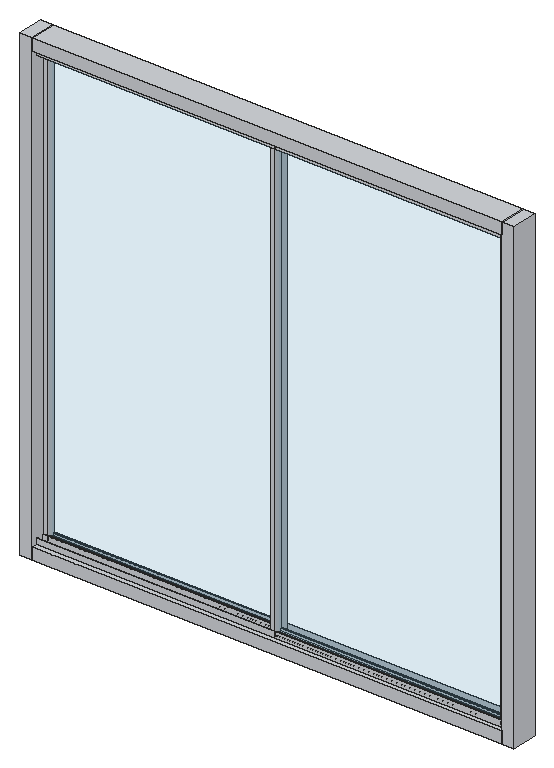
Revit family "View-Max® Commercial Sliding Window_SG&DG- XO XX OX", category Windows, host Wall, Revit 2021
Family settings
  Host = Wall
  OmniClass Number = 23.30.20.00
  OmniClass Title = Windows
  Always vertical = Yes
  Cut with Voids When Loaded = No
  Shared = No
  Room Calculation Point = No
Parameters (values of type "OX/XO")
  YEAR = "2022"  # constant formula
  XX = no
  Width = 0.0000 mm  # constant formula
  URL = "https://www.alspec.com.au/view-max-sliding-window"
  Thickness = 0.0000 mm  # constant formula
  Single Glazed Thickness (6-13.5mm) [instance] = 5.0000 mm
  Single Glazed [instance] = not(Double Glazed)  # no
  Sill Offset 2 [instance] = 15.9930 mm  # constant formula
  Sill Offset [instance] = 6.0000 mm  # constant formula
  Sash Material [instance] = none
  Rough Width = 0.0000 mm  # constant formula
  Rough Height = 0.0000 mm  # constant formula
  Overall Width [instance] = 1900.0000 mm
  Offset [instance] = 0.0000 mm
  Meeting 1 = 16.8131 mm  # constant formula
  Overall Height [instance] = 1800.0000 mm
  Model = "View-Max® Commercial Sliding Window_SG&DG- XO XX OX"  # constant formula
  Manufacturer = "ALSPEC"
  Height = 0.0000 mm  # constant formula
  Head Offset 2 [instance] = 84.8025 mm  # constant formula
  Head Offset [instance] = 75.0000 mm  # constant formula
  Glazed Material [instance] = Glass
  Frame Material [instance] = none
  External Frame Thk = 44.5000 mm  # constant formula
  Double Glazed Thickness [instance] = 18.0000 mm
  Double Glazed [instance] = yes
  Define Thermal Properties by = Schematic Type
  Default Sill Height = 900.0000 mm
  Wall Closure = By host
  CREATOR = "Viraj Mhatre"  # constant formula
  COMPANY = "ALSPEC"  # constant formula
  Analytic Construction = "<None>"
  Air Pocket (Double Glazing Only) [instance] = 8.0000 mm  # constant formula
  XO [instance] = no
  OX [instance] = no
Reference planes
  plane 1 "Center (Front/Back)": y = 0
  plane 2 "Center (Left/Right)": x = 0
  plane 3 "Left": x = -905.5
  plane 4 "Right": x = 905.5
  plane 5 "Sill": z = 900
  plane 6 "Head": z = 2700
  plane 7 "Exterior": y = -63.542
  plane 8 "Interior": y = -263.542
  plane 9: y = -114.342
  plane 10: z = 35.5
  plane 11: y = 14
  plane 12 "FRAME CENTRE": y = 42
  plane 13: y = -98.593
  plane 14: x = -905.5
  plane 15: x = 905.5
  plane 16: x = 905.5
  plane 17: x = 6.407
  plane 18: x = -950
  plane 19: x = 950
  plane 20: z = 2651.999
  plane 21: z = 2632
  plane 22: z = 935.5
  plane 23: z = 516.113
  plane 24: x = -2
  plane 25: x = 14.813
  plane 26: z = 1267
  plane 27: x = -453.75
  plane 28: x = 460.157
  plane 29: y = -24.342
  plane 30: z = 1783.75
  plane 31: y = -114.342
  plane 32: y = -130.095
  plane 33: x = -902
  plane 34: x = 902
  plane 35: y = -63.542
  plane 36: z = 1247.302
  plane 37: z = 710.141
  plane 38: z = 947.302
Forms (mm)
  Extrusion 1, solid, material <- "Frame Material"
    sketch origin (0, 0, 0) x (1, 0, 0) y (0, 1, 0)
      loop
        line (-905.5, -63.542) -> (-950, -63.542) -> (-950, -165.142) -> (-905.5, -165.142) -> (-905.5, -63.542)
      loop
        line (950, -63.542) -> (905.5, -63.542) -> (905.5, -165.142) -> (950, -165.142) -> (950, -63.542)
    from 900 to 2700
  Extrusion 2, solid, material <- "Frame Material"
    sketch origin (-905.5, 0, 0) x (0, -1, 0) y (0, 0, 1)
      loop
        line (63.494, 2700) -> (63.494, 2655.6) -> (81.794, 2655.6) -> (81.794, 2632) -> (83.594, 2632) -> (83.594, 2651.999) -> (113.494, 2651.999) -> (113.494, 2632) -> (115.094, 2632) -> (115.094, 2651.999) -> (144.994, 2651.999) -> (144.994, 2632) -> (146.794, 2632) -> (146.794, 2655.6) -> (165.094, 2655.6) -> (165.094, 2700) -> (63.494, 2700)
      loop
        line (63.595, 944.4) -> (63.595, 900) -> (165.195, 900) -> (165.195, 944.4) -> (146.695, 944.4) -> (146.695, 967) -> (145.095, 967) -> (145.095, 947.302) -> (115.195, 947.302) -> (115.195, 967) -> (113.595, 967) -> (113.595, 947.302) -> (83.695, 947.302) -> (83.695, 967) -> (82.095, 967) -> (82.095, 944.4) -> (63.595, 944.4)
    from -1811 to 0
Lines and regions (mm)
  Opening 1
    outline origin (3600, -263.542, 75) x (1, 0, 0) y (0, 0, 1)
      loop
        line (-2650, 825) -> (-2650, 2625) -> (-4550, 2625) -> (-4550, 825) -> (-2650, 825)
  Masking region 1
    outline origin (0, 0, 0) x (1, 0, 0) y (0, 1, 0)
      loop
        line (-905.5, -63.542) -> (-950, -63.542) -> (-950, -165.142) -> (-905.5, -165.142) -> (-905.5, -63.542)
      loop
        line (950, -63.542) -> (905.5, -63.542) -> (905.5, -165.142) -> (950, -165.142) -> (950, -63.542)
  Masking region 2
    outline origin (-905.5, 0, 0) x (0, -1, 0) y (0, 0, 1)
      loop
        line (63.494, 2700) -> (63.494, 2655.6) -> (81.794, 2655.6) -> (81.794, 2632) -> (83.594, 2632) -> (83.594, 2651.999) -> (113.494, 2651.999) -> (113.494, 2632) -> (115.094, 2632) -> (115.094, 2651.999) -> (144.994, 2651.999) -> (144.994, 2632) -> (146.794, 2632) -> (146.794, 2655.6) -> (165.094, 2655.6) -> (165.094, 2700) -> (63.494, 2700)
      loop
        line (63.595, 900) -> (165.195, 900) -> (165.195, 944.4) -> (146.695, 944.4) -> (146.695, 967) -> (145.095, 967) -> (145.095, 947.302) -> (115.195, 947.302) -> (115.195, 967) -> (113.595, 967) -> (113.595, 947.302) -> (83.695, 947.302) -> (83.695, 967.128) -> (82.095, 967.128) -> (82.095, 944.4) -> (63.595, 944.4) -> (63.595, 900)
Text (mm)
  text "EXTERIOR" at (-1886.484, -724.686, 0), in view "Ref. Level"
  text "INTERIOR" at (-1963.203, 1176.318, 0), in view "Ref. Level"
  text "Exterior" at (0, 923.751, 2943.296), in view "Right"
  text "Exterior" at (0, 1040.484, 2685.409), in view "Left"
Dimensions and locks
  "Overall Height": plane 5 "Sill" to plane 6 "Head"
  plane 5 "Sill" to plane 10 = 864.5000 mm
  locked: plane 7 "Exterior" to host wall
  locked: plane 8 "Interior" to host wall
  "Offset": plane 35 to plane 7 "Exterior"
  "External Frame Thk": plane 4 "Right" to plane 19
  "Overall Width": plane 18 to plane 19
  equal spacing: plane 24, plane 17, plane 25
  "Meeting 1": plane 24 to plane 25
  locked: plane 29 to plane 9 at 90
  equal spacing: plane 24, plane 27, plane 14
  equal spacing: plane 16, plane 28, plane 25
  plane 18 to plane 17 to plane 19 = 956.4066 mm, 943.5934 mm
  equal spacing: plane 14, plane 2 "Center (Left/Right)", plane 16
  "External Frame Thk": plane 18 to plane 14
  locked: plane 14 to plane 33 at 3.5
  locked: plane 34 to plane 16 at 3.5
  locked: plane 20 to plane 6 "Head" at 48.001
  locked: plane 20 to plane 21 at 19.999
  locked: plane 10 to level at 35.5
  locked: plane 22 to plane 10 at 900
  equal spacing: plane 21, plane 30, plane 22
  "Default Sill Height": plane 5 "Sill" to level
  locked: plane 31 to plane 35 at 50.8
  locked: plane 9 to plane 31
  locked: plane 31 to plane 32 at 15.753
  locked: plane 13 to plane 31 at 15.749
  nested 9 to nested 9 = 16.8131 mm
  locked: plane 5 "Sill" to plane 38 at 47.302
  aligned and locked: Opening 1 sketch curve to plane 6 "Head"
  aligned and locked: plane 14 to plane 3 "Left"
  aligned and locked: plane 15 to plane 4 "Right"
  aligned and locked: plane 18 to Opening 1 sketch curve
  aligned and locked: plane 19 to Opening 1 sketch curve
  aligned and locked: Opening 1 sketch curve to plane 5 "Sill"
  aligned and locked: host wall to level
  aligned and locked: nested 1 to plane 29
  aligned and locked: plane 27 to nested 1
  aligned and locked: plane 28 to nested 2
  aligned and locked: plane 27 to nested 3
  aligned and locked: nested 4 to plane 28
  aligned and locked: nested 3 to plane 30
  aligned and locked: plane 30 to nested 4
  aligned and locked: plane 29 to nested 2
  aligned and locked: plane 16 to plane 4 "Right"
  aligned and locked: Extrusion 1 to plane 6 "Head"
  aligned and locked: plane 3 "Left" to Extrusion 2
  aligned and locked: Extrusion 2 to plane 4 "Right"
  aligned and locked: plane 5 "Sill" to Extrusion 1
  aligned and locked: nested 5 to plane 31
  aligned and locked: plane 18 to nested 5
  aligned and locked: Extrusion 1 sketch curve to nested 5  (x4)
  aligned and locked: Masking region 1 sketch curve to nested 5  (x4)
  aligned and locked: nested 6 to plane 19
  aligned and locked: plane 31 to nested 6
  aligned and locked: Extrusion 1 sketch curve to nested 6  (x4)
  aligned and locked: Masking region 1 sketch curve to nested 6  (x4)
  aligned and locked: nested 7 to plane 13
  aligned and locked: plane 6 "Head" to nested 7
  aligned and locked: Masking region 2 sketch curve to nested 7  (x12)
  aligned and locked: nested 7 to Masking region 2 sketch curve  (x3)
  aligned and locked: Extrusion 2 sketch curve to nested 7  (x12)
  aligned and locked: nested 7 to Extrusion 2 sketch curve  (x3)
  aligned and locked: plane 5 "Sill" to nested 8
  aligned and locked: nested 8 to plane 13
  aligned and locked: Masking region 2 sketch curve to nested 8  (x12)
  aligned and locked: nested 8 to Masking region 2 sketch curve  (x3)
  aligned and locked: Extrusion 2 sketch curve to nested 8  (x12)
  aligned and locked: nested 8 to Extrusion 2 sketch curve  (x4)
  aligned and locked: plane 25 to nested 9
  aligned and locked: nested 10 to plane 24
  aligned and locked: nested 10 to plane 34
  aligned and locked: plane 33 to nested 9
  aligned and locked: nested 9 to plane 13
  aligned and locked: plane 32 to nested 10
  aligned and locked: plane 20 to nested 9
  aligned and locked: plane 20 to nested 10
  aligned and locked: plane 38 to nested 10
  aligned and locked: plane 38 to nested 9
  aligned and locked: plane 33 to nested 11
  aligned and locked: plane 25 to nested 11
  aligned and locked: nested 12 to plane 24
  aligned and locked: nested 12 to plane 34
  aligned and locked: plane 32 to nested 12
  aligned and locked: nested 11 to plane 13
  aligned and locked: plane 38 to nested 11
  aligned and locked: plane 38 to nested 12
  aligned and locked: plane 20 to nested 12
  aligned and locked: plane 20 to nested 11
  aligned and locked: plane 27 to nested 13
  aligned and locked: nested 14 to plane 28
  aligned and locked: plane 30 to nested 14
  aligned and locked: nested 13 to plane 30
  aligned and locked: plane 27 to nested 15
  aligned and locked: plane 28 to nested 16
  aligned and locked: plane 29 to nested 16
  aligned and locked: nested 15 to plane 29
Automatic sketch dimensions
  Masking region 2 sketch curve to Masking region 2 sketch curve = 0.0000 mm  (x2)
  Extrusion 2 sketch curve to plane 20 = 0.0000 mm
Nested families
  nested 1: "DETAIL_ARROW2" at (-453.75, -24.342, 0), visible <- "XO", type "DETAIL_ARROW2"
  nested 2: "DETAIL_ARROW2" at (460.157, -24.342, 0) x (-1, 0, 0) z (0, 0, 1), visible <- "OX", type "DETAIL_ARROW2"
  nested 3: "DETAIL_ARROW" at (-453.75, -263.542, 1783.75) x (1, 0, 0) z (0, -1, 0), visible <- "XO", type "DETAIL_ARROW"
  nested 4: "DETAIL_ARROW" at (460.157, -263.542, 1783.75) x (-1, 0, 0) z (0, -1, 0), visible <- "OX", type "DETAIL_ARROW"
  nested 5: "Ext frame ME1 VM75" at (-950, -114.342, 0), type "Ext frame ME1 VM75", detail levels fine
  nested 6: "Ext frame ME1 VM75" at (950, -114.342, 0) x (-1, 0, 0) z (0, 0, 1), type "Ext frame ME1 VM75", detail levels fine
  nested 7: "Ext Head" at (-905.5, -98.593, 2700) x (0, -1, 0) z (-1, 0, 0), type "Ext Head", detail levels fine
  nested 8: "Ext Sill" at (-905.5, -98.593, 900) x (0, -1, 0) z (-1, 0, 0), type "Ext Sill", detail levels fine
  nested 9: "panel 1 VM63 VM64" at (-443.593, -98.593, 947.302), visible <- "Double Glazed", Double Glazing Thickness <- "Double Glazed Thickness", Double Glazed <- "Double Glazed", Glazing Material <- "Glazed Material", Sash Material <- "Sash Material", type "panel 1 VM63 VM64"
    with Thickness Control 18.0000 mm, Sill Off 108.0000 mm, Sill 120.0000 mm, Sash Width 916.8131 mm, Sash Material none, Height 1704.6977 mm, Head Off 68.0000 mm, Head 80.0000 mm, Glazing Material Glass, Double Glazing Thickness 18.0000 mm, Double Glazed yes, Air Pocket 8.0000 mm
  nested 10: "panel 1 VM63 VM64" at (450, -130.095, 947.302) x (-1, 0, 0) z (0, 0, 1), visible <- "Double Glazed", Double Glazing Thickness <- "Double Glazed Thickness", Double Glazed <- "Double Glazed", Glazing Material <- "Glazed Material", Sash Material <- "Sash Material", type "panel 1 VM63 VM64"
    with Thickness Control 18.0000 mm, Sill Off 108.0000 mm, Sill 120.0000 mm, Sash Width 904.0000 mm, Sash Material none, Height 1704.6977 mm, Head Off 68.0000 mm, Head 80.0000 mm, Glazing Material Glass, Double Glazing Thickness 18.0000 mm, Double Glazed yes, Air Pocket 8.0000 mm
  nested 11: "Panel 1 VM13 VM3" at (-443.593, -98.593, 947.302), visible <- "Single Glazed", Single Glazing Thickness <- "Single Glazed Thickness (6-13.5mm)", Glazing Material <- "Glazed Material", Sash Material <- "Sash Material", type "SLIDING_GLAZED PANEL"
    with Single Glazing Thickness 5.0000 mm, Sash Width 916.8131 mm, Sash Material none, Sash Height 1704.6977 mm, Glazing Material Glass, Actual SG Thickness (Manufacturer Controlled) 6.0000 mm
  nested 12: "Panel 1 VM13 VM3" at (450, -130.095, 947.302) x (-1, 0, 0) z (0, 0, 1), visible <- "Single Glazed", Single Glazing Thickness <- "Single Glazed Thickness (6-13.5mm)", Glazing Material <- "Glazed Material", Sash Material <- "Sash Material", type "SLIDING_GLAZED PANEL"
    with Single Glazing Thickness 5.0000 mm, Sash Width 904.0000 mm, Sash Material none, Sash Height 1704.6977 mm, Glazing Material Glass, Actual SG Thickness (Manufacturer Controlled) 6.0000 mm
  nested 13: "DETAIL_ARROW" at (-453.75, -263.542, 1783.75) x (1, 0, 0) z (0, -1, 0), visible <- "XX", type "DETAIL_ARROW"
  nested 14: "DETAIL_ARROW" at (460.157, -263.542, 1783.75) x (-1, 0, 0) z (0, -1, 0), visible <- "XX", type "DETAIL_ARROW"
  nested 15: "DETAIL_ARROW2" at (-453.75, -24.342, 0), visible <- "XX", type "DETAIL_ARROW2"
  nested 16: "DETAIL_ARROW2" at (460.157, -24.342, 0) x (-1, 0, 0) z (0, 0, 1), visible <- "XX", type "DETAIL_ARROW2"
Definition of nested family "panel 1 VM63 VM64"
  Parameters (values of type "panel 1 VM63 VM64")
    YEAR = "2022"  # constant formula
    Width = 0.0000 mm  # constant formula
    Thickness Control [instance] = if(Double Glazing Thickness > 28.0000 mm, 28.0000 mm, if(Double Glazing Thickness < 18.0000 mm, 18.0000 mm, Double Glazing Thickness))  # 18.0000 mm
    Thickness = 0.0000 mm  # constant formula
    TODAYS DATE = "30/05/2022"  # constant formula
    Sill Off [instance] = 108.0000 mm  # constant formula
    Sill [instance] = 120.0000 mm  # constant formula
    Sash Width [instance] = 900.0000 mm
    Sash Material [instance] = none
    Rough Width = 0.0000 mm  # constant formula
    Rough Height = 0.0000 mm  # constant formula
    Off DG Head and Sill = 12.0000 mm  # constant formula
    Height [instance] = 1200.0000 mm
    Head Off [instance] = 68.0000 mm  # constant formula
    Head & Sill DG Depth = 93.0000 mm  # constant formula
    Head [instance] = 80.0000 mm  # constant formula
    Glazing Material [instance] = none
    Double Glazing Thickness [instance] = 18.0000 mm
    Double Glazed [instance] = no
    Define Thermal Properties by = 1
    Default Elevation = 1219.2000 mm
    DG Off = 11.0000 mm  # constant formula
    DG Jamb Width = 75.0000 mm  # constant formula
    CREATOR = "Viraj Mhatre"  # constant formula
    COMPANY = "ALSPEC"  # constant formula
    Analytic Construction = "<None>"
    Air Pocket [instance] = 8.0000 mm  # constant formula
  Reference planes
    plane 1 "Center (Front/Back)": y = 0
    plane 2: z = 0
    plane 3 "Center (Left/Right)": x = 0
    plane 4: x = -450
    plane 5: x = 422.073
    plane 6: x = -433.2
    plane 7: x = 433.187
    plane 8: z = 1200
    plane 9: z = 1180.174
    plane 10: z = 19.826
    plane 11: z = 900
    plane 12: x = -422.088
    plane 13: x = 450
    plane 14: z = 8.65
    plane 15: z = 1191.35
    plane 16: y = 9
    plane 17: y = 4
    plane 18: y = -4
    plane 19: y = -9
  Forms (mm)
    Extrusion 1, solid, material <- "Glazing Material"
      sketch origin (0, 0, 0) x (1, 0, 0) y (0, 1, 0)
        loop
          line (-433.2, 9) -> (-433.2, 4) -> (433.187, 4) -> (433.187, 9) -> (-433.2, 9)
        loop
          line (-433.2, -4) -> (-433.2, -9) -> (433.187, -9) -> (433.187, -4) -> (-433.2, -4)
      from 8.65 to 1191.35
    Extrusion 2, solid, material <- "Sash Material"
      sketch origin (0, 0, 0) x (1, 0, 0) y (0, 1, 0)
        loop
          line (-450, -13.395) -> (-433.2, -13.395) -> (-433.2, 13.505) -> (-450, 13.505) -> (-450, -13.395)
        loop
          line (450, -13.395) -> (450, 13.505) -> (433.187, 13.505) -> (433.187, -13.395) -> (450, -13.395)
      from 0 to 1200
    Extrusion 3, solid, material <- "Sash Material"
      sketch origin (0, 0, 0) x (0, 1, 0) y (0, 0, 1)
        loop
          line (-13.495, 1194.583) -> (-13.495, 1180.174) -> (-10, 1180.174) -> (-10, 1192.93) -> (-6.425, 1192.93) -> (-6.425, 1198.6) -> (6.335, 1198.6) -> (6.335, 1192.93) -> (10, 1192.93) -> (10, 1180.174) -> (13.405, 1180.174) -> (13.405, 1194.583) -> (7.988, 1200) -> (-8.078, 1200) -> (-13.495, 1194.583)
        loop
          line (8.078, 0) -> (13.495, 5.417) -> (13.495, 19.826) -> (10, 19.826) -> (10, 7.07) -> (6.425, 7.07) -> (6.425, 1.4) -> (-6.335, 1.4) -> (-6.335, 7.07) -> (-10, 7.07) -> (-10, 19.826) -> (-13.405, 19.826) -> (-13.405, 5.417) -> (-7.988, 0) -> (8.078, 0)
      from -433.2 to 433.187
  Lines and regions (mm)
    Masking region 1
      outline origin (0, 0, 0) x (1, 0, 0) y (0, 1, 0)
        loop
          line (-450, -13.395) -> (-433.2, -13.395) -> (-433.2, 13.505) -> (-450, 13.505) -> (-450, -13.395)
        loop
          line (450, -13.395) -> (450, 13.505) -> (433.187, 13.505) -> (433.187, -13.395) -> (450, -13.395)
    Masking region 2
      outline origin (0, 0, 0) x (0, 1, 0) y (0, 0, 1)
        loop
          line (-13.495, 1194.583) -> (-13.495, 1180.174) -> (-10, 1180.174) -> (-10, 1192.93) -> (-6.425, 1192.93) -> (-6.425, 1198.6) -> (6.335, 1198.6) -> (6.335, 1192.93) -> (10, 1192.93) -> (10, 1180.174) -> (13.405, 1180.174) -> (13.405, 1194.583) -> (7.988, 1200) -> (-8.078, 1200) -> (-13.495, 1194.583)
        loop
          line (8.078, 0) -> (13.495, 5.417) -> (13.495, 19.826) -> (10, 19.826) -> (10, 7.07) -> (6.425, 7.07) -> (6.425, 1.4) -> (-6.335, 1.4) -> (-6.335, 7.07) -> (-10, 7.07) -> (-10, 19.826) -> (-13.405, 19.826) -> (-13.405, 5.417) -> (-7.988, 0) -> (8.078, 0)
  Dimensions and locks
    equal spacing: plane 16, plane 1 "Center (Front/Back)", plane 19
    "Thickness Control": plane 16 to plane 19
    equal spacing: plane 17, plane 1 "Center (Front/Back)", plane 18
    "Air Pocket": plane 17 to plane 18
    locked: plane 6 to plane 12 at 11.112
    locked: plane 5 to plane 7 at 11.114
    equal spacing: plane 4, plane 3 "Center (Left/Right)", plane 13
    "Sash Width": plane 4 to plane 13
    "Height": plane 8 to plane 2
    locked: plane 4 to plane 6 at 16.8
    locked: plane 7 to plane 13 at 16.813
    locked: plane 14 to level at 8.65
    locked: plane 10 to plane 14 at 11.176
    plane 8 to plane 15 to plane 9 = 8.6500 mm locked, 11.1764 mm locked
    aligned and locked: level to plane 2
    aligned and locked: Extrusion 1 sketch curve to plane 16
    aligned and locked: Extrusion 1 sketch curve to plane 17
    aligned and locked: Extrusion 1 sketch curve to plane 18
    aligned and locked: Extrusion 1 sketch curve to plane 19
    aligned and locked: Extrusion 1 sketch curve to Extrusion 1 sketch curve  (x2)
    aligned and locked: Extrusion 1 to plane 6
    aligned and locked: plane 7 to Extrusion 1
    aligned and locked: Extrusion 1 to plane 14
    aligned and locked: plane 15 to Extrusion 1
    aligned and locked: Extrusion 2 to level
    aligned and locked: plane 8 to Extrusion 2
    aligned and locked: plane 1 "Center (Front/Back)" to nested 1
    aligned and locked: plane 12 to nested 1
    aligned and locked: Masking region 1 sketch curve to nested 1  (x3)
    aligned and locked: Extrusion 2 sketch curve to Masking region 1  (x4)
    aligned and locked: plane 6 to Masking region 1 sketch curve
    aligned and locked: plane 1 "Center (Front/Back)" to nested 2
    aligned and locked: plane 5 to nested 2
    aligned and locked: nested 2 to Masking region 1 sketch curve
    aligned and locked: Masking region 1 sketch curve to nested 2
    aligned and locked: Extrusion 2 sketch curve to nested 2
    aligned and locked: nested 2 to Extrusion 2 sketch curve
    aligned and locked: Extrusion 2 sketch curve to plane 7
    aligned and locked: Masking region 1 sketch curve to plane 7
    aligned and locked: nested 3 to plane 8
    aligned and locked: nested 3 to plane 1 "Center (Front/Back)"
    aligned and locked: level to nested 4
    aligned and locked: plane 1 "Center (Front/Back)" to nested 4
    aligned and locked: Masking region 2 sketch curve to nested 3  (x14)
    aligned and locked: Extrusion 3 sketch curve to nested 3  (x14)
    aligned and locked: Masking region 2 sketch curve to nested 4  (x14)
    aligned and locked: Extrusion 3 sketch curve to nested 4  (x14)
    aligned and locked: Extrusion 3 to plane 6
    aligned and locked: plane 7 to Extrusion 3
  Automatic sketch dimensions
    Extrusion 1 sketch curve to plane 12 = 11.1120 mm
    Extrusion 1 sketch curve to Extrusion 1 sketch curve = 866.3869 mm
    Masking region 1 sketch curve to plane 4 = 0.0000 mm
    Masking region 1 sketch curve to plane 19 = 4.3954 mm
    plane 16 to Masking region 1 sketch curve = 4.5046 mm
    plane 16 to Extrusion 2 sketch curve = 4.5045 mm
    plane 16 to Masking region 1 sketch curve = 4.5045 mm
    Masking region 2 sketch curve to plane 9 = 0.0000 mm  (x2)
    Masking region 2 sketch curve to plane 19 = 4.4954 mm
    Masking region 2 sketch curve to plane 19 = 1.0000 mm  (x2)
    Masking region 2 sketch curve to plane 18 = 2.4254 mm
    plane 17 to Masking region 2 sketch curve = 2.3346 mm
    plane 16 to Masking region 2 sketch curve = 1.0000 mm  (x2)
    Masking region 2 sketch curve to Masking region 2 sketch curve = 3.4046 mm
    plane 15 to Masking region 2 sketch curve = 1.5800 mm  (x2)
    plane 15 to Masking region 2 sketch curve = 3.2330 mm  (x2)
    Masking region 2 sketch curve to plane 8 = 1.4000 mm
    Masking region 2 sketch curve to plane 16 = 1.0124 mm
    plane 19 to Masking region 2 sketch curve = 0.9216 mm
    Extrusion 3 sketch curve to plane 9 = 0.0000 mm  (x2)
    Extrusion 3 sketch curve to plane 19 = 4.4954 mm
    Extrusion 3 sketch curve to plane 19 = 1.0000 mm  (x2)
    Extrusion 3 sketch curve to plane 18 = 2.4254 mm
    plane 17 to Extrusion 3 sketch curve = 2.3346 mm
    plane 16 to Extrusion 3 sketch curve = 1.0000 mm  (x2)
    Extrusion 3 sketch curve to Extrusion 3 sketch curve = 3.4046 mm
    plane 15 to Extrusion 3 sketch curve = 1.5800 mm  (x2)
    plane 15 to Extrusion 3 sketch curve = 3.2330 mm  (x2)
    Extrusion 3 sketch curve to plane 8 = 1.4000 mm
    plane 19 to Extrusion 3 sketch curve = 0.9216 mm
    Extrusion 3 sketch curve to plane 16 = 1.0124 mm
    Masking region 2 sketch curve to plane 16 = 0.9216 mm
    Masking region 2 sketch curve to plane 14 = 3.2330 mm  (x2)
    plane 19 to Masking region 2 sketch curve = 1.0124 mm
    Masking region 2 sketch curve to plane 19 = 4.4046 mm
    Masking region 2 sketch curve to plane 10 = 0.0000 mm  (x2)
    Masking region 2 sketch curve to Masking region 2 sketch curve = 1.6530 mm  (x2)
    Masking region 2 sketch curve to Masking region 2 sketch curve = 3.4954 mm
    level to Masking region 2 sketch curve = 1.4000 mm
    Masking region 2 sketch curve to plane 14 = 1.5800 mm  (x2)
    Extrusion 3 sketch curve to plane 16 = 0.9216 mm
    plane 16 to Extrusion 3 sketch curve = 4.4954 mm
    Extrusion 3 sketch curve to plane 14 = 3.2330 mm  (x2)
    plane 19 to Extrusion 3 sketch curve = 1.0124 mm
    Extrusion 3 sketch curve to plane 19 = 4.4046 mm
    Extrusion 3 sketch curve to plane 10 = 0.0000 mm  (x2)
    Extrusion 3 sketch curve to Extrusion 3 sketch curve = 1.6530 mm
    plane 17 to Extrusion 3 sketch curve = 2.4254 mm
    level to Extrusion 3 sketch curve = 1.4000 mm
    Extrusion 3 sketch curve to plane 14 = 1.5800 mm  (x2)
  Nested families
    nested 1: "VM63" at (-433.2, 0, 0), type "VM63", detail levels fine
    nested 2: "VM64" at (422.073, 0, 0), type "VM64", detail levels fine
    nested 3: "VM62" at (0, 0, 1200) x (0, 1, 0) z (1, 0, 0), type "VM62", detail levels fine
    nested 4: "VM62" at (0, 0, 0) x (0, -1, 0) z (1, 0, 0), type "VM62", detail levels fine
  Definition of nested family "VM63"
    Reference planes
      plane 1 "Center (Front/Back)": y = 0
      plane 2: z = 0
      plane 3 "Center (Left/Right)": x = 0
      plane 4: x = -16.8
    Dimensions and locks
      aligned and locked: import instance to plane 1 "Center (Front/Back)"
      aligned and locked: import instance to plane 3 "Center (Left/Right)"
      aligned and locked: plane 4 to import instance
  Definition of nested family "VM64"
    Reference planes
      plane 1 "Center (Front/Back)": y = 0
      plane 2: z = 0
      plane 3 "Center (Left/Right)": x = 0
      plane 4: x = 27.927
      plane 5: x = 11.114
    Dimensions and locks
      aligned and locked: plane 1 "Center (Front/Back)" to import instance
      aligned and locked: plane 3 "Center (Left/Right)" to import instance
      aligned and locked: plane 4 to import instance
      aligned and locked: plane 5 to import instance
  Definition of nested family "VM62"
    Reference planes
      plane 1 "Center (Front/Back)": y = 0
      plane 2: z = 0
      plane 3 "Center (Left/Right)": x = 0
      plane 4: y = -8.65
      plane 5: y = -19.826
    Dimensions and locks
      aligned and locked: plane 3 "Center (Left/Right)" to import instance
      aligned and locked: import instance to plane 1 "Center (Front/Back)"
      aligned and locked: plane 4 to import instance
      aligned and locked: plane 5 to import instance
Definition of nested family "Panel 1 VM13 VM3"
  Parameters (values of type "SLIDING_GLAZED PANEL")
    YEAR = "2022"  # constant formula
    Width = 0.0000 mm  # constant formula
    Thickness = 0.0000 mm  # constant formula
    TODAYS DATE = "30/5/2022"  # constant formula
    Single Glazing Thickness [instance] = 6.0000 mm
    Sash Width [instance] = 1080.6423 mm
    Sash Material [instance] = none
    Sash Height [instance] = 1200.0000 mm
    Rough Width = 0.0000 mm  # constant formula
    Rough Height = 0.0000 mm  # constant formula
    JAMP WIDTH = 70.5049 mm  # constant formula
    Height = 0.0000 mm  # constant formula
    HEAD_JAMP HEIGHT = 80.0000 mm  # constant formula
    Glazing Material [instance] = none
    Define Thermal Properties by = 1
    Default Elevation = 1219.2000 mm
    CREATOR = "Viraj Mhatre"  # constant formula
    COMPANY = "ALSPEC"  # constant formula
    BOTTOM_JAMP HEIGHT = 120.0000 mm  # constant formula
    Analytic Construction = "<None>"
    Actual SG Thickness (Manufacturer Controlled) [instance] = if(Single Glazing Thickness > 13.5000 mm, 13.5000 mm, if(Single Glazing Thickness < 6.0000 mm, 6.0000 mm, Single Glazing Thickness))  # 6.0000 mm
  Reference planes
    plane 1 "Center (Front/Back)": y = 0
    plane 2: z = 0
    plane 3 "Center (Left/Right)": x = 0
    plane 4: x = -540.321
    plane 5: x = 540.321
    plane 6: x = -522.321
    plane 7: x = 522.321
    plane 8: z = 1200
    plane 9: z = 1180.174
    plane 10: z = 20.026
    plane 11: z = 810
    plane 12: x = -512.409
    plane 13: x = 512.407
    plane 14: z = 9.951
    plane 15: z = 1190.149
    plane 16: y = 22.5
    plane 17: y = 39.7
    plane 18: y = 3
    plane 19: y = -3
  Forms (mm)
    Extrusion 1, solid, material <- "Glazing Material"
      sketch origin (0, 0, 0) x (1, 0, 0) y (0, 1, 0)
        loop
          line (-522.321, 3) -> (-522.321, -3) -> (522.321, -3) -> (522.321, 3) -> (-522.321, 3)
      from 9.951 to 1190.149
    Extrusion 2, solid, material <- "Sash Material"
      sketch origin (0, 0, 0) x (1, 0, 0) y (0, 1, 0)
        loop
          line (-522.321, 13.505) -> (-540.321, 13.505) -> (-540.321, -13.395) -> (-522.321, -13.395) -> (-522.321, 13.505)
        loop
          line (522.321, 13.505) -> (522.321, -13.395) -> (540.321, -13.395) -> (540.321, 13.505) -> (522.321, 13.505)
      from 0 to 1200
    Extrusion 3, solid, material <- "Sash Material"
      sketch origin (0, 0, 0) x (0, 1, 0) y (0, 0, 1)
        loop
          line (8.029, 1200) -> (-8.12, 1200) -> (-13.595, 1194.524) -> (-13.595, 1179.974) -> (-6.195, 1179.974) -> (-6.195, 1188.074) -> (-11.995, 1188.074) -> (-11.995, 1192.73) -> (-6.325, 1192.73) -> (-6.325, 1198.4) -> (6.235, 1198.4) -> (6.235, 1192.73) -> (11.905, 1192.73) -> (11.905, 1188.074) -> (6.105, 1188.074) -> (6.105, 1179.974) -> (13.505, 1179.974) -> (13.505, 1194.524) -> (8.029, 1200)
        loop
          line (-8.029, 0) -> (8.12, 0) -> (13.595, 5.476) -> (13.595, 20.026) -> (6.195, 20.026) -> (6.195, 11.926) -> (11.995, 11.926) -> (11.995, 7.27) -> (6.325, 7.27) -> (6.325, 1.6) -> (-6.235, 1.6) -> (-6.235, 7.27) -> (-11.905, 7.27) -> (-11.905, 11.926) -> (-6.105, 11.926) -> (-6.105, 20.026) -> (-13.505, 20.026) -> (-13.505, 5.476) -> (-8.029, 0)
      from -522.321 to 522.321
  Lines and regions (mm)
    Masking region 1
      outline origin (0, 0, 0) x (0, 1, 0) y (0, 0, 1)
        loop
          line (8.029, 1200) -> (-8.12, 1200) -> (-13.595, 1194.524) -> (-13.595, 1179.974) -> (-6.195, 1179.974) -> (-6.195, 1188.074) -> (-11.995, 1188.074) -> (-11.995, 1192.73) -> (-6.325, 1192.73) -> (-6.325, 1198.4) -> (6.235, 1198.4) -> (6.235, 1192.73) -> (11.905, 1192.73) -> (11.905, 1188.074) -> (6.105, 1188.074) -> (6.105, 1179.974) -> (13.505, 1179.974) -> (13.505, 1194.524) -> (8.029, 1200)
        loop
          line (-8.029, 0) -> (8.12, 0) -> (13.595, 5.476) -> (13.595, 20.026) -> (6.195, 20.026) -> (6.195, 11.926) -> (11.995, 11.926) -> (11.995, 7.27) -> (6.325, 7.27) -> (6.325, 1.6) -> (-6.235, 1.6) -> (-6.235, 7.27) -> (-11.905, 7.27) -> (-11.905, 11.926) -> (-6.105, 11.926) -> (-6.105, 20.026) -> (-13.505, 20.026) -> (-13.505, 5.476) -> (-8.029, 0)
    Masking region 2
      outline origin (0, 0, 0) x (1, 0, 0) y (0, 1, 0)
        loop
          line (-540.321, -13.395) -> (-522.321, -13.395) -> (-522.321, 13.505) -> (-540.321, 13.505) -> (-540.321, -13.395)
        loop
          line (522.321, 13.505) -> (522.321, -13.395) -> (540.321, -13.395) -> (540.321, 13.505) -> (522.321, 13.505)
  Dimensions and locks
    equal spacing: plane 4, plane 3 "Center (Left/Right)", plane 5
    "Sash Width": plane 4 to plane 5
    "Sash Height": plane 8 to plane 2
    locked: plane 16 to plane 1 "Center (Front/Back)" at 22.5
    locked: plane 17 to plane 16 at 17.2
    equal spacing: plane 18, plane 1 "Center (Front/Back)", plane 19
    "Actual SG Thickness (Manufacturer Controlled)": plane 18 to plane 19
    plane 11 to level = 810.0000 mm
    locked: plane 4 to plane 6 at 18
    locked: plane 6 to plane 12 at 9.912
    locked: plane 13 to plane 7 at 9.914
    locked: plane 7 to plane 5 at 18
    locked: plane 8 to plane 15 at 9.851
    locked: plane 15 to plane 9 at 9.976
    locked: plane 10 to plane 14 at 10.076
    locked: plane 14 to level at 9.951
    aligned and locked: level to plane 2
    aligned and locked: Extrusion 1 sketch curve to plane 18
    aligned and locked: Extrusion 1 sketch curve to plane 19
    aligned and locked: Extrusion 1 to plane 6
    aligned and locked: plane 7 to Extrusion 1
    aligned and locked: plane 15 to Extrusion 1
    aligned and locked: Extrusion 1 to plane 14
    aligned and locked: plane 8 to Extrusion 2
    aligned and locked: Extrusion 2 to level
    aligned and locked: plane 12 to nested 1
    aligned and locked: plane 13 to nested 2
    aligned and locked: plane 1 "Center (Front/Back)" to nested 1
    aligned and locked: plane 1 "Center (Front/Back)" to nested 2
    aligned and locked: Masking region 2 sketch curve to nested 1  (x2)
    aligned and locked: nested 1 to Masking region 2 sketch curve
    aligned and locked: Masking region 2 sketch curve to plane 6
    aligned and locked: Extrusion 2 sketch curve to nested 1  (x2)
    aligned and locked: nested 1 to Extrusion 2 sketch curve  (x2)
    aligned and locked: Masking region 2 sketch curve to nested 2  (x2)
    aligned and locked: nested 2 to Masking region 2 sketch curve
    aligned and locked: Masking region 2 sketch curve to plane 7
    aligned and locked: Extrusion 2 sketch curve to nested 2  (x2)
    aligned and locked: nested 2 to Extrusion 2 sketch curve
    aligned and locked: Extrusion 2 sketch curve to plane 7
    aligned and locked: nested 3 to level
    aligned and locked: plane 1 "Center (Front/Back)" to nested 3
    aligned and locked: plane 8 to nested 4
    aligned and locked: nested 4 to plane 1 "Center (Front/Back)"
    aligned and locked: Masking region 1 sketch curve to nested 4  (x18)
    aligned and locked: Extrusion 3 sketch curve to nested 4  (x18)
    aligned and locked: Masking region 1 sketch curve to nested 3  (x18)
    aligned and locked: Extrusion 3 sketch curve to nested 3  (x18)
    aligned and locked: plane 7 to Extrusion 3
    aligned and locked: Extrusion 3 to plane 6
  Automatic sketch dimensions
    Extrusion 1 sketch curve to plane 12 = 9.9120 mm
    Extrusion 1 sketch curve to Extrusion 1 sketch curve = 1044.6423 mm
    Masking region 1 sketch curve to plane 8 = 0.0000 mm
    plane 15 to Masking region 1 sketch curve = 4.3750 mm
    Masking region 1 sketch curve to plane 19 = 10.5954 mm
    Masking region 1 sketch curve to Masking region 1 sketch curve = 1.6000 mm  (x4)
    Masking region 1 sketch curve to plane 19 = 5.1198 mm
    Masking region 1 sketch curve to Masking region 1 sketch curve = 1.7944 mm  (x5)
    Masking region 1 sketch curve to plane 19 = 3.1954 mm
    plane 18 to Masking region 1 sketch curve = 3.1046 mm
    plane 18 to Masking region 1 sketch curve = 3.2346 mm
    Masking region 1 sketch curve to plane 8 = 1.6000 mm
    Masking region 1 sketch curve to plane 15 = 2.0758 mm  (x2)
    Masking region 1 sketch curve to Masking region 1 sketch curve = 5.8000 mm  (x2)
    Masking region 1 sketch curve to plane 9 = 0.2000 mm  (x2)
    plane 15 to Masking region 1 sketch curve = 2.5807 mm  (x2)
    Extrusion 3 sketch curve to plane 8 = 0.0000 mm
    Extrusion 3 sketch curve to plane 19 = 10.5954 mm
    plane 15 to Extrusion 3 sketch curve = 4.3750 mm
    Extrusion 3 sketch curve to plane 15 = 2.0758 mm  (x2)
    Extrusion 3 sketch curve to Extrusion 3 sketch curve = 1.6000 mm  (x4)
    Extrusion 3 sketch curve to Extrusion 3 sketch curve = 1.7944 mm  (x5)
    Extrusion 3 sketch curve to plane 19 = 3.3254 mm
    Extrusion 3 sketch curve to plane 19 = 3.1954 mm
    Extrusion 3 sketch curve to plane 9 = 0.2000 mm  (x2)
    plane 18 to Extrusion 3 sketch curve = 3.1046 mm
    plane 18 to Extrusion 3 sketch curve = 3.2346 mm
    Extrusion 3 sketch curve to plane 8 = 1.6000 mm
    Extrusion 3 sketch curve to Extrusion 3 sketch curve = 5.8000 mm  (x2)
    plane 15 to Extrusion 3 sketch curve = 2.5807 mm  (x2)
    Masking region 1 sketch curve to level = 0.0000 mm
    Masking region 1 sketch curve to plane 10 = 0.0000 mm  (x2)
    Masking region 1 sketch curve to plane 14 = 4.4750 mm  (x2)
    Masking region 1 sketch curve to plane 19 = 10.5046 mm
    Masking region 1 sketch curve to plane 19 = 5.0290 mm
    Masking region 1 sketch curve to plane 19 = 3.1046 mm
    plane 18 to Masking region 1 sketch curve = 3.1954 mm
    plane 18 to Masking region 1 sketch curve = 3.3254 mm
    plane 14 to Masking region 1 sketch curve = 1.9758 mm  (x2)
    level to Masking region 1 sketch curve = 1.6000 mm
    Masking region 1 sketch curve to plane 14 = 2.6807 mm  (x2)
    Extrusion 3 sketch curve to plane 10 = 0.0000 mm  (x2)
    Extrusion 3 sketch curve to level = 0.0000 mm
    Extrusion 3 sketch curve to plane 14 = 4.4750 mm  (x2)
    Extrusion 3 sketch curve to plane 19 = 10.5046 mm
    Extrusion 3 sketch curve to plane 19 = 5.0290 mm
    Extrusion 3 sketch curve to plane 19 = 3.1046 mm
    plane 18 to Extrusion 3 sketch curve = 3.1954 mm
    plane 18 to Extrusion 3 sketch curve = 3.3254 mm
    plane 14 to Extrusion 3 sketch curve = 1.9758 mm  (x2)
    level to Extrusion 3 sketch curve = 1.6000 mm
    Extrusion 3 sketch curve to plane 14 = 2.6807 mm  (x2)
  Nested families
    nested 1: "VM13" at (-512.409, 0, 0), type "VM13", detail levels fine
    nested 2: "VM3" at (512.407, 0, 0), type "VM3", detail levels fine
    nested 3: "VM1" at (0, 0, 20.026) x (0, -1, 0) z (1, 0, 0), type "VM1", detail levels fine
    nested 4: "VM1" at (0, 0, 1179.974) x (0, 1, 0) z (1, 0, 0), type "VM1", detail levels fine
  Definition of nested family "VM13"
    Reference planes
      plane 1 "Center (Front/Back)": y = 0
      plane 2: z = 0
      plane 3 "Center (Left/Right)": x = 0
      plane 4: x = -27.912
      plane 5: x = -9.912
    Dimensions and locks
      aligned and locked: import instance to plane 1 "Center (Front/Back)"
      aligned and locked: plane 3 "Center (Left/Right)" to import instance
      aligned and locked: plane 4 to import instance
      aligned and locked: plane 5 to import instance
  Definition of nested family "VM3"
    Reference planes
      plane 1 "Center (Front/Back)": y = 0
      plane 2: z = 0
      plane 3 "Center (Left/Right)": x = 0
      plane 4: x = 27.914
      plane 5: x = 9.914
    Dimensions and locks
      aligned and locked: plane 1 "Center (Front/Back)" to import instance
      aligned and locked: plane 3 "Center (Left/Right)" to import instance
      aligned and locked: plane 5 to import instance
      aligned and locked: plane 4 to import instance
  Definition of nested family "VM1"
    Reference planes
      plane 1 "Center (Front/Back)": y = 0
      plane 2: z = 0
      plane 3 "Center (Left/Right)": x = 0
      plane 4: y = 20.026
      plane 5: y = 10.076
    Dimensions and locks
      aligned and locked: plane 1 "Center (Front/Back)" to import instance
      aligned and locked: plane 3 "Center (Left/Right)" to import instance
      aligned and locked: plane 5 to import instance
      aligned and locked: plane 4 to import instance
Definition of nested family "DETAIL_ARROW2"
  Reference planes
    plane 1 "Center (Front/Back)": y = 0
    plane 2: z = 0
    plane 3 "Center (Left/Right)": x = 0
    plane 4: y = 0
    plane 5: y = 140.838
    plane 6: x = 0
    plane 7: y = 140.838
    plane 8: x = 98.638
  Lines and regions (mm)
    detail lines, in view "Ref. Level"
      curve 1: line (-50.444, 6.6, 0) -> (15.556, 6.6, 0)
      curve 2: line (-50.444, -6.6, 0) -> (15.556, -6.6, 0)
      curve 3: line (-50.444, -6.6, 0) -> (-50.444, 6.6, 0)
      curve 4: line (15.556, 6.6, 0) -> (0, 22.156, 0)
      curve 5: line (15.556, -6.6, 0) -> (0, -22.156, 0)
      curve 6: line (40.824, 0, 0) -> (9.334, -31.49, 0)
      curve 7: line (40.824, 0, 0) -> (9.334, 31.49, 0)
      curve 8: line (0, 22.156, 0) -> (9.334, 31.49, 0)
      curve 9: line (0, -22.156, 0) -> (9.334, -31.49, 0)
    detail lines, in view "Ref. Level", not visible
      curve 10: line (48.194, 147.438, 0) -> (114.194, 147.438, 0)
      curve 11: line (48.194, 134.238, 0) -> (114.194, 134.238, 0)
      curve 12: line (48.194, 134.238, 0) -> (48.194, 147.438, 0)
      curve 13: line (114.194, 147.438, 0) -> (98.638, 162.994, 0)
      curve 14: line (114.194, 134.238, 0) -> (98.638, 118.681, 0)
      curve 15: line (139.462, 140.838, 0) -> (107.972, 109.347, 0)
      curve 16: line (139.462, 140.838, 0) -> (107.972, 172.328, 0)
      curve 17: line (98.638, 162.994, 0) -> (107.972, 172.328, 0)
      curve 18: line (98.638, 118.681, 0) -> (107.972, 109.347, 0)
      curve 19: line (48.194, 147.438, 0) -> (114.194, 147.438, 0)
      curve 20: line (48.194, 134.238, 0) -> (114.194, 134.238, 0)
      curve 21: line (48.194, 134.238, 0) -> (48.194, 147.438, 0)
      curve 22: line (114.194, 147.438, 0) -> (98.638, 162.994, 0)
      curve 23: line (114.194, 134.238, 0) -> (98.638, 118.681, 0)
      curve 24: line (139.462, 140.838, 0) -> (107.972, 109.347, 0)
      curve 25: line (139.462, 140.838, 0) -> (107.972, 172.328, 0)
      curve 26: line (98.638, 162.994, 0) -> (107.972, 172.328, 0)
      curve 27: line (98.638, 118.681, 0) -> (107.972, 109.347, 0)
  Dimensions and locks
    aligned and locked: plane 4 to plane 1 "Center (Front/Back)"
    aligned and locked: plane 3 "Center (Left/Right)" to plane 6
Definition of nested family "DETAIL_ARROW"
  Reference planes
    plane 1 "Center (Front/Back)": y = 0
    plane 2: z = 0
    plane 3 "Center (Left/Right)": x = 0
  Lines and regions (mm)
    detail lines, in view "Ref. Level"
      curve 1: line (-50, 10, 0) -> (50, 10, 0)
      curve 2: line (-50, -10, 0) -> (50, -10, 0)
      curve 3: line (-50, -10, 0) -> (-50, 10, 0)
      curve 4: line (50, 10, 0) -> (26.43, 33.57, 0)
      curve 5: line (50, -10, 0) -> (26.43, -33.57, 0)
      curve 6: line (88.284, 0, 0) -> (40.572, -47.712, 0)
      curve 7: line (88.284, 0, 0) -> (40.572, 47.712, 0)
      curve 8: line (26.43, 33.57, 0) -> (40.572, 47.712, 0)
      curve 9: line (26.43, -33.57, 0) -> (40.572, -47.712, 0)
Definition of nested family "Ext frame ME1 VM75"
  Reference planes
    plane 1 "Center (Front/Back)": y = 0
    plane 2: z = 0
    plane 3 "Center (Left/Right)": x = 0
    plane 4: x = 44.5
    plane 5: x = 48
    plane 6: y = 15.749
    plane 7: y = -15.753
  Dimensions and locks
    aligned and locked: plane 1 "Center (Front/Back)" to import instance
    aligned and locked: import instance to plane 3 "Center (Left/Right)"
    aligned and locked: plane 6 to import instance
    aligned and locked: plane 7 to import instance
    aligned and locked: plane 5 to import instance
    aligned and locked: plane 4 to import instance
Definition of nested family "Ext Head"
  Reference planes
    plane 1 "Center (Front/Back)": y = 0
    plane 2: z = 0
    plane 3 "Center (Left/Right)": x = 0
    plane 4: x = 31.502
    plane 5: y = -48.001
    plane 6: y = -68
  Dimensions and locks
    aligned and locked: import instance to plane 1 "Center (Front/Back)"
    aligned and locked: import instance to plane 3 "Center (Left/Right)"
    aligned and locked: plane 4 to import instance
    aligned and locked: plane 6 to import instance
    aligned and locked: plane 5 to import instance
Definition of nested family "Ext Sill"
  Reference planes
    plane 1 "Center (Front/Back)": y = 0
    plane 2: z = 0
    plane 3 "Center (Left/Right)": x = 0
    plane 4: x = 31.502
    plane 5: y = 67
    plane 6: y = 47.302
  Dimensions and locks
    aligned and locked: plane 1 "Center (Front/Back)" to import instance
    aligned and locked: import instance to plane 3 "Center (Left/Right)"
    aligned and locked: plane 4 to import instance
    aligned and locked: plane 6 to import instance
    aligned and locked: plane 5 to import instance
